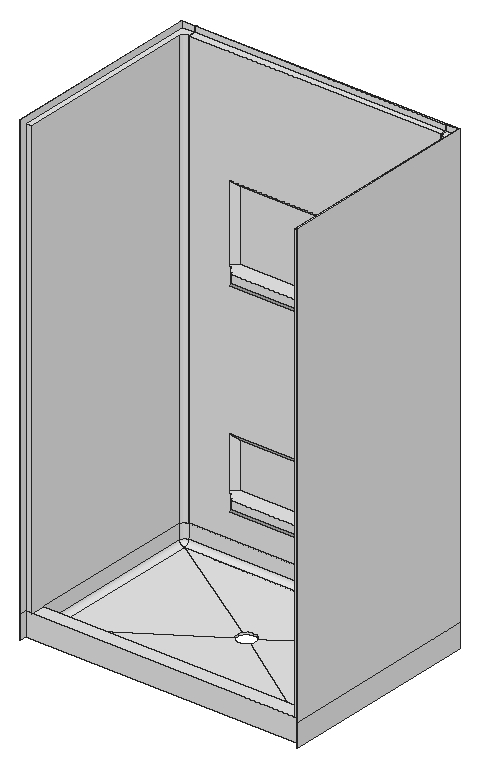
Revit family "4LRS4834.V2", category Plumbing Fixtures, Revit 2019
Family settings
  Round Connector Dimension = Use Diameter
  Part Type = Normal
  OmniClass Number = 23.45.05.14.17
  OmniClass Title = Showers
  Work Plane-Based = No
  Always vertical = Yes
  Cut with Voids When Loaded = No
  Shared = No
  Room Calculation Point = No
Parameters (values of type "4LRS4834.V2")
  Unit Width = 48"
  Unit Height = 80 1/2"
  Unit Depth = 35"
  URL = "http://www.bestbath.com/"
  Type Comments = "Remodeler"
  Model = "4LRS4834.V2"
  Material [instance] = Best Bath Gelcoat Fiberglass - RealTile
  Manufacturer = "Best Bath Systems, Inc."
  Keynote = "22 40 00.B3"
  Description = "Real Tile Finish"
  Assembly Code = "D2010710"
Reference planes (in)
  plane 1 "Back": y = -0.5
  plane 2: z = 0
  plane 3 "Left": x = 0
  plane 4: x = 48
  plane 5: y = -34.5
  plane 6: z = 79.5
  plane 7: z = 0.625
  plane 8: z = 80.5
  plane 9: x = 24
  plane 10: y = -1.75
  plane 11: y = -16.5
  plane 12: z = 0.25
  plane 13: z = 4
  plane 14: y = -35.5
  plane 15: z = 11.5
  plane 16: z = 46.5
Forms (in)
  Extrusion 1, solid, material "Best Bath Gelcoat Fiberglass - Smooth"
    sketch origin (0, 0, 0) x (1, 0, 0) y (0, 1, 0)
      loop
        line (0, -0.5) -> (0, -34.5) -> (48, -34.5) -> (48, -0.5) -> (0, -0.5)
      loop
        circle (24, -16.5) r 1.625
    from 0 to 0.625
  Extrusion 2, solid, material "Best Bath Gelcoat Fiberglass - Smooth"
    sketch origin (0, 0, 0) x (1, 0, 0) y (0, 1, 0)
      loop
        line (2.25, -0.5) -> (2.25, -1.75) -> (45.75, -1.75) -> (45.75, -0.5) -> (2.25, -0.5)
    from 4 to 79.5
  Extrusion 3, solid, material "Best Bath Gelcoat Fiberglass - Smooth"
    sketch origin (0, 0, 0) x (1, 0, 0) y (0, 1, 0)
      loop
        line (0, -34.5) -> (1.25, -34.5) -> (1.25, -2.75)
        arc (1.25, -2.75) -> (1.54289, -2.04289) -> (2.25, -1.75) r 1
        line (2.25, -1.75) -> (45.75, -1.75)
        arc (45.75, -1.75) -> (46.45711, -2.04289) -> (46.75, -2.75) r 1
        line (46.75, -2.75) -> (46.75, -34.5) -> (48, -34.5) -> (48, -0.5) -> (0, -0.5) -> (0, -34.5)
    from 0 to 4
  Extrusion 4, solid, material "Best Bath Gelcoat Fiberglass - Smooth"
    sketch origin (0, 0, 0) x (1, 0, 0) y (0, 1, 0)
      loop
        line (0, -34.5) -> (1.25, -34.5) -> (1.25, -2.75)
        arc (1.25, -2.75) -> (1.54289, -2.04289) -> (2.25, -1.75) r 1
        line (2.25, -1.75) -> (2.25, -0.5) -> (0, -0.5) -> (0, -34.5)
      loop
        line (46.75, -34.5) -> (48, -34.5) -> (48, -0.5) -> (45.75, -0.5) -> (45.75, -1.75)
        arc (45.75, -1.75) -> (46.45711, -2.04289) -> (46.75, -2.75) r 1
        line (46.75, -2.75) -> (46.75, -34.5)
    from 4 to 79.5
  Sweep 5, solid, material "Best Bath Gelcoat Fiberglass - Smooth"
    path origin (0, 0, 0) x (1, 0, 0) y (0, 1, 0)
      loop
        line (1.25, -34.5) -> (1.25, -2.75)
        arc (1.25, -2.75) -> (1.54289, -2.04289) -> (2.25, -1.75) r 1
        line (2.25, -1.75) -> (45.75, -1.75)
        arc (45.75, -1.75) -> (46.45711, -2.04289) -> (46.75, -2.75) r 1
        line (46.75, -2.75) -> (46.75, -34.5)
    profile origin (1.25, -18.625, 0) x (-1, 0, 0) y (0, 0, 1)
      loop
        line (0, 0.625) -> (0, 1.525)
        arc (0, 1.525) -> (-0.2636, 0.8886) -> (-0.9, 0.625) r 0.9
        line (-0.9, 0.625) -> (0, 0.625)
  Blend 6, void
    base sketch origin (0, 0, 0) x (1, 0, 0) y (0, 1, 0)
      loop
        line (2.25, -31.5) -> (45.75, -31.5) -> (45.75, -2.75) -> (2.25, -2.75) -> (2.25, -31.5)
    top sketch origin (0, 0, 0) x (1, 0, 0) y (0, 1, 0)
      loop
        circle (24, -16.5) r 0.05278
    from 0.625 to 0.25
  Sweep 7, solid, material "Best Bath Gelcoat Fiberglass - Smooth"
    path origin (0, 0, 0) x (1, 0, 0) y (0, 1, 0)
      loop
        line (1.25, -34.5) -> (46.75, -34.5)
    profile origin (24, -34.5, 0) x (0, 1, 0) y (0, 0, 1)
      loop
        line (0, 0) -> (3.11628, 0) -> (2.37209, 4) -> (0, 4) -> (0, 0)
  Extrusion 8, solid, material "Best Bath Gelcoat Fiberglass - Smooth"
    sketch origin (0, 0, 0) x (1, 0, 0) y (0, 1, 0)
      loop
        line (0, -34.5) -> (0, -35.5) -> (0.125, -35.5) -> (0.125, -34.5) -> (0, -34.5)
      loop
        line (48, -34.5) -> (47.875, -34.5) -> (47.875, -35.5) -> (48, -35.5) -> (48, -34.5)
    from 0 to 4
  Extrusion 9, solid, material "Best Bath Gelcoat Fiberglass - Smooth"
    sketch origin (0, 0, 0) x (1, 0, 0) y (0, 1, 0)
      loop
        line (2.25, -0.5) -> (2.25, -0.625) -> (45.75, -0.625) -> (45.75, -0.5) -> (2.25, -0.5)
    from 79.5 to 80.5
  Extrusion 10, solid, material "Best Bath Gelcoat Fiberglass - Smooth"
    sketch origin (0, 0, 0) x (1, 0, 0) y (0, 1, 0)
      loop
        line (0, -35.5) -> (0.125, -35.5) -> (0.125, -0.625) -> (2.25, -0.625) -> (2.25, -0.5) -> (0, -0.5) -> (0, -35.5)
      loop
        line (48, -35.5) -> (48, -0.5) -> (45.75, -0.5) -> (45.75, -0.625) -> (47.875, -0.625) -> (47.875, -35.5) -> (48, -35.5)
    from 4 to 80.5
  Blend 11, solid, material "Best Bath Gelcoat Fiberglass - Smooth"
    base sketch origin (-17.1875, -37.75, -32.5) x (1, 0, 0) y (0, 0, 1)
      loop
        line (56, 44) -> (26.375, 44) -> (26.375, 40.625) -> (56, 40.625) -> (56, 44)
    top sketch origin (-17.1875, -37.75, -32.5) x (1, 0, 0) y (0, 0, 1)
      loop
        line (28.375, 44) -> (28.375, 42.5625) -> (54, 42.5625) -> (54, 44) -> (28.375, 44)
    from -36 to -34
  Blend 12, solid, material "Best Bath Gelcoat Fiberglass - Smooth"
    base sketch origin (-17.1875, -37.75, 4.25) x (1, 0, 0) y (0, 0, 1)
      loop
        line (56, 42.25) -> (26.375, 42.25) -> (26.375, 38.875) -> (56, 38.875) -> (56, 42.25)
    top sketch origin (-17.1875, -37.75, 4.25) x (1, 0, 0) y (0, 0, 1)
      loop
        line (28.375, 42.25) -> (28.375, 40.8125) -> (54, 40.8125) -> (54, 42.25) -> (28.375, 42.25)
    from -36 to -34
  Blend 13, void
    base sketch origin (-32.64477, -38.25, -30.75) x (1, 0, 0) y (0, 0, 1)
      loop
        line (41.87365, 42.25) -> (71.45727, 42.25) -> (71.45727, 51) -> (41.87365, 51) -> (41.87365, 42.25)
    top sketch origin (-32.64477, -38.25, -30.75) x (1, 0, 0) y (0, 0, 1)
      loop
        line (42.87365, 42.25) -> (70.45727, 42.25) -> (70.45727, 50) -> (42.87365, 50) -> (42.87365, 42.25)
    from -36.5 to -37.5
  Blend 14, void
    base sketch origin (-32.64477, -38.25, 4.25) x (1, 0, 0) y (0, 0, 1)
      loop
        line (41.87365, 42.25) -> (71.45727, 42.25) -> (71.45727, 55.25) -> (41.87365, 55.25) -> (41.87365, 42.25)
    top sketch origin (-32.64477, -38.25, 4.25) x (1, 0, 0) y (0, 0, 1)
      loop
        line (42.87365, 42.25) -> (70.45727, 42.25) -> (70.45727, 54.25) -> (42.87365, 54.25) -> (42.87365, 42.25)
    from -36.5 to -37.5
Cuts and joins
  Blend 6 cuts Extrusion 1
  Blend 6 cuts Extrusion 3
  Blend 6 cuts Sweep 5
  joined: Extrusion 1, Extrusion 3, Sweep 5, Sweep 7, Extrusion 8
  Blend 13, Blend 14 cuts Extrusion 2
  Blend 13, Blend 14 cuts Extrusion 9
  joined: Extrusion 2, Extrusion 9, Blend 11, Blend 12
  joined: Extrusion 4, Extrusion 10
Dimensions and locks (in)
  "Unit Width": plane 3 "Left" to plane 4
  locked: plane 7 to level at 0.625
  locked: plane 8 to plane 6 at 1
  "Unit Height": plane 8 to level
  equal spacing: plane 3 "Left", plane 9, plane 4
  plane 1 "Back" to plane 11 = 16"
  plane 10 to plane 1 "Back" = 1 1/4"
  locked: plane 7 to plane 12 at 0.375
  locked: plane 13 to level at 4
  locked: plane 5 to plane 14 at 1
  "Unit Depth": plane 14 to plane 1 "Back"
  locked: plane 15 to level at 11.5
  locked: plane 16 to level at 46.5
  aligned and locked: level to plane 2
  aligned and locked: Extrusion 1 to plane 7
  aligned and locked: plane 5 to Extrusion 1 sketch curve
  aligned and locked: plane 4 to Extrusion 1 sketch curve
  aligned and locked: Extrusion 2 sketch curve to Extrusion 1
  aligned and locked: Extrusion 2 sketch curve to plane 10
  aligned and locked: plane 11 to Extrusion 1 sketch curve
  aligned and locked: plane 9 to Extrusion 1 sketch curve
  aligned and locked: plane 13 to Extrusion 3
  aligned and locked: Extrusion 2 to plane 13
  aligned and locked: plane 6 to Extrusion 2
  aligned and locked: Extrusion 4 to Extrusion 2
  aligned and locked: plane 6 to Extrusion 4
  aligned and locked: Sweep 5 sketch curve to plane 7
  aligned and locked: plane 11 to Blend 6 sketch curve
  aligned and locked: plane 9 to Blend 6 sketch curve
  aligned and locked: Extrusion 1 to Blend 6
  aligned and locked: Blend 6 to plane 12
  aligned and locked: Extrusion 8 to Extrusion 2
  aligned and locked: plane 8 to Extrusion 9
  aligned and locked: Extrusion 9 to plane 6
  aligned and locked: Extrusion 10 to plane 13
  aligned and locked: plane 8 to Extrusion 10
  aligned and locked: plane 15 to Blend 11  (x2)
  aligned and locked: plane 16 to Blend 12
  aligned and locked: cut or joined group of Extrusion 2, Extrusion 9, Blend 11, Blend 12, Blend 13, Blend 14 to plane 15
  aligned and locked: cut or joined group of Extrusion 2, Extrusion 9, Blend 11, Blend 12, Blend 13, Blend 14 to plane 16
Automatic sketch dimensions
  Extrusion 1 sketch curve to plane 3 "Left" = 0"
  plane 1 "Back" to Extrusion 1 sketch curve = 0"
  plane 1 "Back" to Extrusion 3 sketch curve = 0"
  Extrusion 3 sketch curve to plane 3 "Left" = 0"
  Extrusion 3 sketch curve to plane 5 = 0"  (x2)
  Extrusion 3 sketch curve to plane 10 = 0"
  Extrusion 3 sketch curve to plane 4 = 0"
  plane 4 to Extrusion 3 sketch curve = 1 1/4"
  Extrusion 3 sketch curve to plane 10 = 1"
  plane 3 "Left" to Extrusion 3 sketch curve = 1 1/4"
  Extrusion 3 sketch curve to Extrusion 3 sketch curve = 1"
  Sweep 5 sketch curve to plane 10 = 0"
  plane 3 "Left" to Sweep 5 sketch curve = 1 1/4"
  Sweep 5 sketch curve to plane 10 = 1"  (x2)
  Sweep 5 sketch curve to plane 5 = 0"  (x2)
  plane 4 to Sweep 5 sketch curve = 2 1/4"
  Sweep 5 sketch curve to profile plane = 0"
  profile plane to Sweep 5 sketch curve = 0.9"
  Extrusion 4 sketch curve to plane 3 "Left" = 0"
  Extrusion 4 sketch curve to plane 5 = 0"  (x2)
  plane 1 "Back" to Extrusion 4 sketch curve = 0"  (x2)
  Extrusion 4 sketch curve to plane 10 = 0"  (x2)
  Extrusion 4 sketch curve to plane 4 = 0"
  Extrusion 4 sketch curve to Extrusion 4 sketch curve = 1 1/4"
  Extrusion 4 sketch curve to Extrusion 4 sketch curve = 2 1/4"
  plane 4 to Extrusion 4 sketch curve = 2 1/4"
  plane 4 to Extrusion 4 sketch curve = 1 1/4"
  plane 4 to Extrusion 2 sketch curve = 2 1/4"
  plane 3 "Left" to Extrusion 2 sketch curve = 2 1/4"
  Sweep 7 sketch curve to plane 5 = 0"
  plane 3 "Left" to Sweep 7 sketch curve = 1 1/4"
  plane 4 to Sweep 7 sketch curve = 1 1/4"
  Blend 6 sketch curve to plane 10 = 1"
  plane 3 "Left" to Blend 6 sketch curve = 2 1/4"
  plane 5 to Blend 6 sketch curve = 3"
  plane 4 to Blend 6 sketch curve = 2 1/4"
  Extrusion 8 sketch curve to plane 3 "Left" = 0"
  Extrusion 8 sketch curve to plane 14 = 0"  (x2)
  Extrusion 8 sketch curve to plane 5 = 0"  (x2)
  Extrusion 8 sketch curve to plane 4 = 0"
  plane 3 "Left" to Extrusion 8 sketch curve = 1/8"
  plane 4 to Extrusion 8 sketch curve = 1/8"
  plane 1 "Back" to Extrusion 9 sketch curve = 0"
  plane 3 "Left" to Extrusion 9 sketch curve = 2 1/4"
  plane 4 to Extrusion 9 sketch curve = 2 1/4"
  plane 1 "Back" to Extrusion 9 sketch curve = 1/8"
  Extrusion 10 sketch curve to plane 3 "Left" = 0"
  Extrusion 10 sketch curve to plane 14 = 0"  (x2)
  plane 1 "Back" to Extrusion 10 sketch curve = 0"  (x2)
  Extrusion 10 sketch curve to plane 4 = 0"
  plane 3 "Left" to Extrusion 10 sketch curve = 1/8"
  plane 1 "Back" to Extrusion 10 sketch curve = 1/8"  (x2)
  Extrusion 10 sketch curve to Extrusion 10 sketch curve = 2 1/8"
  plane 4 to Extrusion 10 sketch curve = 2 1/4"
  plane 4 to Extrusion 10 sketch curve = 1/8"
  Blend 11 sketch curve to plane 15 = 0"  (x2)
  plane 3 "Left" to Blend 11 sketch curve = 9 3/16"
  Blend 11 sketch curve to plane 15 = 3 3/8"
  plane 4 to Blend 11 sketch curve = 9 3/16"
  Blend 11 sketch curve to plane 15 = 1 7/16"
  plane 3 "Left" to Blend 11 sketch curve = 11 3/16"
  plane 4 to Blend 11 sketch curve = 11 3/16"
  Blend 12 sketch curve to plane 16 = 0"  (x2)
  plane 3 "Left" to Blend 12 sketch curve = 9 3/16"
  Blend 12 sketch curve to plane 16 = 3 3/8"
  plane 4 to Blend 12 sketch curve = 9 3/16"
  Blend 12 sketch curve to plane 16 = 1 7/16"
  plane 3 "Left" to Blend 12 sketch curve = 11 3/16"
  plane 4 to Blend 12 sketch curve = 11 3/16"
  Blend 13 sketch curve to plane 15 = 0"  (x2)
  plane 3 "Left" to Blend 13 sketch curve = 9.22888"
  plane 4 to Blend 13 sketch curve = 9 3/16"
  Blend 13 sketch curve to Blend 13 sketch curve = 8 3/4"
  plane 3 "Left" to Blend 13 sketch curve = 10.22888"
  plane 4 to Blend 13 sketch curve = 10 3/16"
  Blend 13 sketch curve to Blend 13 sketch curve = 7 3/4"
  plane 3 "Left" to Blend 14 sketch curve = 9.22888"
  plane 4 to Blend 14 sketch curve = 9 3/16"
  plane 16 to Blend 14 sketch curve = 0"  (x2)
  Blend 14 sketch curve to Blend 14 sketch curve = 13"
  plane 3 "Left" to Blend 14 sketch curve = 10.22888"
  plane 4 to Blend 14 sketch curve = 10 3/16"
  Blend 14 sketch curve to Blend 14 sketch curve = 12"
  Sweep 7 sketch curve to profile plane = 0"
  Sweep 7 sketch curve to level = 0"
  Sweep 7 sketch curve to profile plane = 2.37209"
  Sweep 7 sketch curve to profile plane = 3.11628"
  level to Sweep 7 sketch curve = 4"
  radius of Extrusion 1 sketch curve = 1 5/8"
  radius of Blend 6 sketch curve = 0.05278"
